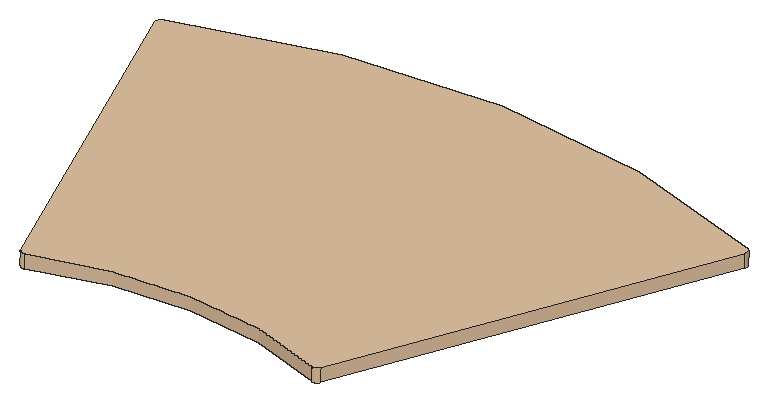
Revit family "FU_Table_LAPSE 0450MA", category Furniture, Revit 2022
Family settings
  OmniClass Number = 23.40.20.00
  OmniClass Title = General Furniture and Specialties
  Work Plane-Based = No
  Always vertical = Yes
  Cut with Voids When Loaded = No
  Render Appearance Source = Family Geometry
  Shared = No
  Room Calculation Point = No
Parameters (values of type "LAP0450MA")
  Width = 1095 mm
  URL = "https://www.sandlerseating.com/product/lapse-0450ma-2/"
  Top Finish [instance] = Wood - Oak - Natural - V
  Model = "LAP0450MA"
  Manufacturer = "Sandler"
  Elevation = 333 mm
  Description = "Curved table at 45° for the Lapse modular seating system."
  Depth = 775 mm
  Default Elevation = 0 mm
Reference planes
  plane 1 "Center (Front/Back)": y = 0
  plane 2: z = 0
  plane 3 "Center (Left/Right)": x = 0
  plane 4 "Right": x = -547.5
  plane 5 "Left": x = 547.5
  plane 6 "Back": y = 387.5
  plane 7 "Front": y = -387.5
  plane 8 "Height": z = 357
  plane 9 "Table base": z = 333
Forms (mm)
  Extrusion 1, solid, material "Wood - Oak - Natural - V" <- "Top Finish"
    sketch origin (0, 0, 321) x (-1, 0, 0) y (0, -1, 0)
      loop
        arc (541.892, -279.474) -> (547.438, -274.201) -> (547.5, -266.549) r 9.796
        line (547.5, -266.549) -> (278.731, 381.315)
        arc (278.731, 381.315) -> (273.317, 386.73) -> (265.66, 386.737) r 10.017
        arc (265.66, 386.737) -> (0, 333.823) -> (-265.66, 386.737) r 693.333
        arc (-265.66, 386.737) -> (-273.32, 386.738) -> (-278.731, 381.315) r 9.997
        line (-278.731, 381.315) -> (-547.5, -266.549)
        arc (-547.5, -266.549) -> (-547.307, -274.144) -> (-541.892, -279.474) r 10.142
        arc (-541.892, -279.474) -> (0, -387.5) -> (541.892, -279.474) r 1413.166
    from 12 to 36
Dimensions and locks
  equal spacing: plane 4 "Right", plane 3 "Center (Left/Right)", plane 5 "Left"
  "Width": plane 4 "Right" to plane 5 "Left"
  equal spacing: plane 6 "Back", plane 1 "Center (Front/Back)", plane 7 "Front"
  "Depth": plane 6 "Back" to plane 7 "Front"
  "Elevation": plane 9 "Table base" to level
  locked: plane 8 "Height" to plane 9 "Table base" at 24
  aligned and locked: level to plane 2
  aligned and locked: plane 8 "Height" to Extrusion 1
  aligned and locked: Extrusion 1 to plane 9 "Table base"
Automatic sketch dimensions
  Extrusion 1 sketch curve to plane 5 "Left" = 0 mm
  Extrusion 1 sketch curve to plane 3 "Center (Left/Right)" = 0 mm  (x2)
  Extrusion 1 sketch curve to plane 4 "Right" = 0 mm
  plane 5 "Left" to Extrusion 1 sketch curve = 9.497 mm
  plane 7 "Front" to Extrusion 1 sketch curve = 10.023 mm
  Extrusion 1 sketch curve to plane 3 "Center (Left/Right)" = 269.479 mm
  plane 7 "Front" to Extrusion 1 sketch curve = 6.185 mm  (x2)
  Extrusion 1 sketch curve to Extrusion 1 sketch curve = 9.252 mm
  Extrusion 1 sketch curve to plane 4 "Right" = 9.048 mm
  Extrusion 1 sketch curve to plane 6 "Back" = 120.951 mm  (x2)
  Extrusion 1 sketch curve to Extrusion 1 sketch curve = 3.559 mm
  Extrusion 1 sketch curve to Extrusion 1 sketch curve = 3.754 mm
  Extrusion 1 sketch curve to Extrusion 1 sketch curve = 1.49 mm
  Extrusion 1 sketch curve to Extrusion 1 sketch curve = 0 mm  (x2)
  Extrusion 1 sketch curve to Extrusion 1 sketch curve = 9.241 mm
  plane 7 "Front" to Extrusion 1 sketch curve = 0.763 mm  (x2)
  Extrusion 1 sketch curve to Extrusion 1 sketch curve = 3.83 mm
